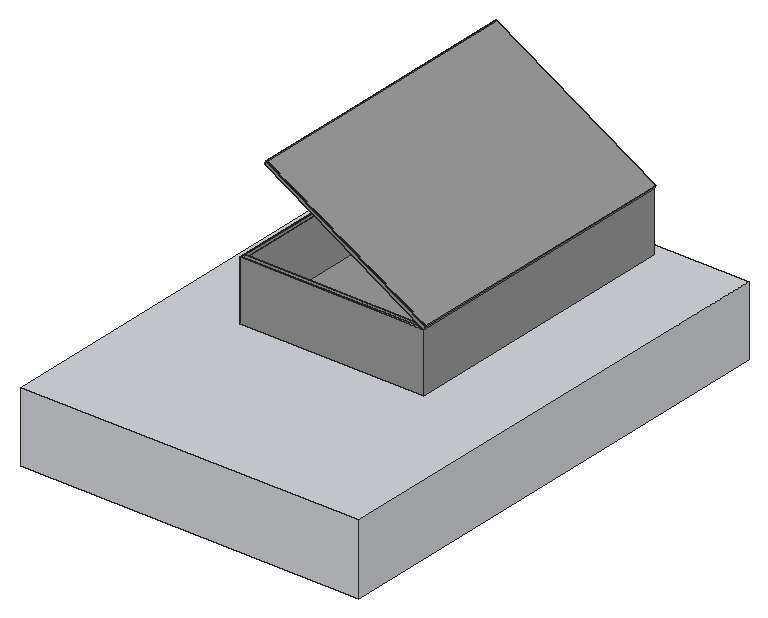
Revit family "Hager-Univers-IP55-D275-H1250-Cl.II-Steel_encl-BE-en", category Equipement électrique, Revit 2020
Family settings
  Hôte = Face
  Configuration du panneau = Deux colonnes, circuits au sein
  Cote de connecteur circulaire = Utiliser le diamètre
  Type d'élément = Tableau de raccordement
  Couper avec des vides une fois chargée = Non
  Partagée = Non
  Point de calcul de pièce = Non
Parameters (values of type "Surface mounted (plaster) IP55 W800 H1250 D275  - FR83S")
  Width Control [instance] = if([EF000008 - Width] > Min Width, [EF000008 - Width], Min Width)  # 800 mm
  Commentaires du type = [HG000003 - Range]  # "Univers"
  Thickness Door [instance] = if([EF009171 - Material plate thickness door/cover] > 3 mm, 3 mm, [EF009171 - Material plate thickness door/cover])  # 1.5 mm
  Seal Frame Offset [instance] = 17 mm  # constant formula
  Plinth Visibility [instance] = [HG000027 - Plinth height] > 0 mm  # no
  Model = ""
  Min Width [instance] = 100 mm  # constant formula
  Min Height [instance] = 100 mm  # constant formula
  Min Depth [instance] = (2 * [EF009170 - Material plate thickness cabinet]) + 1 mm  # 4 mm
  Internal Frame Depth [instance] = (Door System Depth * 0.5)  # 9 mm
  Height Control [instance] = if([EF000040 - Height] > Min Height, [EF000040 - Height], Min Height)  # 1250 mm
  HG000027 - Plinth height = 0 mm
  HG000026 - Floor standing = no
  HG000024 - Bottom section height = 800 mm
  HG000023 - Double section enclosure = no
  HG000016 - Door 3d visibility [instance] = yes
  HG000015 - Clearance visibility [instance] = no
  HG000014 - Door on the right [instance] = yes
  HG000013 - Door on the left [instance] = not([HG000014 - Door on the right])  # no
  HG000012 - Door swing angle [instance] = 30.00°
  HG000010 - Asymmetric doors = no
  HG000009 - Double swing door = no
  HG000006 - Flush mounted = no
  HG000004 - Manufacturer reference = "FR83S"
  HG000003 - Range = "Univers"
  HG000002 - With door or cover = yes
  Frame Offset Bottom [instance] = 10 mm  # constant formula
  Frame Offset [instance] = 15 mm  # constant formula
  EF015940 - Cover with overpressure release = no
  EF011959 - Degree of protection (NEMA) = ""
  EF009554 - Number of openings for flange plates = 6
  EF009212 - Cover model = "EV000116 - Closed"
  EF009171 - Material plate thickness door/cover = 1.5 mm
  EF009170 - Material plate thickness cabinet = 1.5 mm
  Fabricant = "Hager"  # constant formula
  EF008873 - Nominal current (In) = 800 A
  EF007800 - Suitable for lightning protection = no
  EF006306 - With lock = no
  EF006244 - Transparent cover/door = no
  EF005474 - Degree of protection (IP) = "EV006420 - IP55"
  EF004464 - Type of door = "EV002646 - Single"
  EF004427 - Number of modules = 288
  EF004293 - Impact strength = "EV008784 - IK10"
  EF003532 - Suitable for outdoor use = no
  EF002950 - Width in number of modular spacings = 24
  EF001613 - Circuit integrity = "EV000494 - None"
  EF001596 - Material housing = "EV000179 - Steel"
  EF001131 - Internal depth = 275 mm
  EF001088 - Extension possible = yes
  EF000437 - Number of conduit inlets = 6
  EF000339 - Type of cover = "EV004216 - Door"
  EF000266 - Number of rows = 8
  EF000218 - Built-in depth = 0 mm
  EF000118 - With mounting plate = no
  EF000116 - RAL-number = "7035"
  EF000049 - Depth = 275 mm
  EF000040 - Height = 1250 mm
  EF000008 - Width = 800 mm
  EF000007 - Colour = "EV000270 - Grey"
  EF000003 - Mounting method = "EV000384 - Surface mounted (plaster)"
  Door System Leaf Tolerance [instance] = 1.5 mm  # constant formula
  Door System Depth [instance] = 18 mm  # constant formula
  Door Height [instance] = Height Control - [HG000027 - Plinth height]  # 1250 mm
  Depth Control [instance] = if([EF000049 - Depth] > Min Depth, [EF000049 - Depth], Min Depth)  # 275 mm
  Default Elevation = 0 mm
  Connector Offset [instance] = Height Control / 2  # 625 mm
  Bottom Top Plate Trim [instance] = 1.5 mm  # constant formula
  Plinth height Ctrl [instance] = if([HG000027 - Plinth height] > 0 mm, [HG000027 - Plinth height], 12 mm)  # 12 mm
Types (5, lengths in mm): name | Width Control | HG000010 - Asymmetric doors | HG000009 - Double swing door | HG000004 - Manufacturer reference | EF009554 - Number of openings for flange plates | EF004464 - Type of door | EF004427 - Number of modules | EF000437 - Number of conduit inlets | EF000008 - Width
  Surface mounted (plaster) IP55 W1050 H1250 D275  - FR84S | 1050 | no | yes | "FR84S" | 8 | "EV003602 - Double" | 384 | 8 | 1050
  Surface mounted (plaster) IP55 W1300 H1250 D275  - FR85S | 1300 | yes | yes | "FR85S" | 10 | "EV003602 - Double" | 480 | 10 | 1300
  Surface mounted (plaster) IP55 W300 H1250 D275  - FR81S | 300 | no | no | "FR81S" | 2 | "EV002646 - Single" | 96 | 2 | 300
  Surface mounted (plaster) IP55 W550 H1250 D275  - FR82S | 550 | no | no | "FR82S" | 4 | "EV002646 - Single" | 192 | 4 | 550
  Surface mounted (plaster) IP55 W800 H1250 D275  - FR83S | 800 | no | no | "FR83S" | 6 | "EV002646 - Single" | 288 | 6 | 800
Reference planes
  plane 1 "Center (Front/Back)": y = 0
  plane 2: z = 0
  plane 3 "Center (Left/Right)": x = 0
  plane 4: z = 275
  plane 5: y = 1.5
  plane 6: y = 625
  plane 7: y = 0
  plane 8: y = 1250
  plane 9: z = 0
  plane 10: x = -385
  plane 11: x = 385
  plane 12: x = 383.5
  plane 13: x = -383.5
  plane 14: y = 1248.5
  plane 15: x = -383
  plane 16: x = -400
  plane 17: x = 383
  plane 18: x = 400
  plane 19: x = 398.5
  plane 20: x = -398.5
  plane 21: y = 11.5
  plane 22: y = 1250
  plane 23: y = 1233.5
  plane 24: z = 257
  plane 25: z = 1.5
  plane 26: z = 255.5
  plane 27: z = 273.5
Forms (mm)
  Extrusion 1, solid
    sketch origin (0, 0, 0) x (1, 0, 0) y (0, 1, 0)
      loop
        line (-702.964, 1305) -> (-702.964, -811.445) -> (766.763, -811.445) -> (766.763, 1305) -> (-702.964, 1305)
    from 0 to -304.8
  Extrusion 2, solid, material "Hager_Steel_RAL7035_Light_Grey", visible <- "Plinth Visibility", detail levels medium+fine
    sketch origin (0, 0, 0) x (1, 0, 0) y (0, 1, 0)
      loop
        line (-400, 0) -> (400, 0) -> (400, 12) -> (-400, 12) -> (-400, 0)
    from 0 to 257
  Extrusion 3, solid, material "Hager_Steel_RAL7035_Light_Grey", detail levels medium+fine
    sketch origin (0, 0, 0) x (1, 0, 0) y (0, 1, 0)
      loop
        line (-400, 0) -> (400, 0) -> (400, 1250) -> (-400, 1250) -> (-400, 0)
    from 0 to 257
  Extrusion 4, void
    sketch origin (0, 0, 0) x (1, 0, 0) y (0, 1, 0)
      loop
        line (-398.5, 1.5) -> (398.5, 1.5) -> (398.5, 1248.5) -> (-398.5, 1248.5) -> (-398.5, 1.5)
    from 1.5 to 255.5
  Extrusion 5, void
    sketch origin (-381.607, -4572, 257) x (0, -1, 0) y (-1, 0, 0)
      loop
        line (-4583.5, 1.893) -> (-5805.5, 1.893) -> (-5805.5, -765.107) -> (-4583.5, -765.107) -> (-4583.5, 1.893)
    from 0 to 1.5 <- "EF009170 - Material plate thickness cabinet"
  Extrusion 6, solid, material "Hager_Steel_RAL7035_Light_Grey", detail levels fine
    sketch origin (0, 0, 257) x (1, 0, 0) y (0, 1, 0)
      loop
        line (-383.5, 1233.5) -> (-383.5, 11.5) -> (383.5, 11.5) -> (383.5, 1233.5) -> (-383.5, 1233.5)
      loop
        line (-385, 10) -> (385, 10) -> (385, 1235) -> (-385, 1235) -> (-385, 10)
    from 0 to 9 <- "Internal Frame Depth"
  Extrusion 7, solid, material "Hager_Steel_RAL7035_Light_Grey", detail levels coarse
    sketch origin (0, 0, 0) x (1, 0, 0) y (0, 1, 0)
      loop
        line (-400, 0) -> (400, 0) -> (400, 1250) -> (-400, 1250) -> (-400, 0)
    from 0 to 275
  Sweep 8, void
    path in 3D
      loop
        line (-400, 12, 0) -> (400, 12, 0) -> (400, 12, 257) -> (-400, 12, 257) -> (-400, 12, 0)
    profile origin (-400, 12, 128.5) x (-1, 0, 0) y (0, -1, 0)
      loop
        line (0, 0) -> (0, 1.5) -> (-1.5, 1.5)
        arc (-1.5, 1.5) -> (-1.061, 0.439) -> (0, 0) r 1.5
Cuts and joins
  Extrusion 4, Extrusion 5 cuts Extrusion 3
  Sweep 8 cuts Extrusion 2
Lines and regions (mm)
  Masking region 1
    outline origin (0, 0, 0) x (1, 0, 0) y (0, 0, 1)
      loop
        line (-400, 275) -> (-400, 0) -> (400, 0) -> (400, 275) -> (-400, 275)
  Masking region 2, detail levels medium+fine
    outline origin (0, 140, 0) x (0, 1, 0) y (0, 0, 1)
      loop
        line (-140, 0) -> (1110, 0) -> (1110, 257) -> (-140, 257) -> (-140, 0)
  Masking region 3, not visible, detail levels medium+fine
    outline origin (0, 297.922, 0) x (0, 1, 0) y (0, 0, 1)
      loop
        line (338.578, 0) -> (378.578, 0) -> (378.578, 263.5)
        arc (378.578, 263.5) -> (375.649, 270.571) -> (368.578, 273.5) r 10
        line (368.578, 273.5) -> (338.578, 273.5) -> (338.578, 0)
  Masking region 4, detail levels coarse
    outline origin (0, 0, 180) x (0, 1, 0) y (0, 0, 1)
      loop
        line (0, -180) -> (1250, -180) -> (1250, 95) -> (0, 95) -> (0, -180)
  Masking region 5, visible <- "Plinth Visibility", detail levels medium+fine
    outline origin (0, 52.24, 12.345) x (0, 0, -1) y (0, 1, 0)
      loop
        line (10.845, -40.24) -> (-243.155, -40.24)
        arc (-243.155, -40.24) -> (-243.594, -41.301) -> (-244.655, -41.74) r 1.5
        line (-244.655, -41.74) -> (-244.655, -52.24) -> (12.345, -52.24) -> (12.345, -41.74)
        arc (12.345, -41.74) -> (11.285, -41.301) -> (10.845, -40.24) r 1.5
  Masking region 6, detail levels medium+fine
    outline origin (-381.607, -4572, 257) x (-1, 0, 0) y (0, -1, 0)
      loop
        line (18.393, -5822) -> (18.393, -4572) -> (-781.607, -4572) -> (-781.607, -5822) -> (18.393, -5822)
  Masking region 7, visible <- "Plinth Visibility", detail levels medium+fine
    outline origin (-381.607, -4727, 257) x (-1, 0, 0) y (0, -1, 0)
      loop
        arc (16.893, -4739) -> (17.332, -4737.939) -> (18.393, -4737.5) r 1.5
        line (18.393, -4737.5) -> (18.393, -4727) -> (-781.607, -4727) -> (-781.607, -4737.5)
        arc (-781.607, -4737.5) -> (-780.546, -4737.939) -> (-780.107, -4739) r 1.5
        line (-780.107, -4739) -> (16.893, -4739)
  Masking region 8, detail levels coarse
    outline origin (-442.548, -4669.526, 257) x (-1, 0, 0) y (0, -1, 0)
      loop
        line (-42.548, -5919.526) -> (-42.548, -4669.526) -> (-842.548, -4669.526) -> (-842.548, -5919.526) -> (-42.548, -5919.526)
  sketch lines
    curve 1: line (-400, 12, 257) -> (-400, 12, 0)
    curve 2: line (400, 12, 257) -> (-400, 12, 257)
    curve 3: line (400, 12, 257) -> (400, 12, 0)
    curve 4: line (-400, 12, 0) -> (400, 12, 0)
Dimensions and locks
  "Depth Control": plane 4 to Extrusion 1
  "HG000027 - Plinth height": plane 1 "Center (Front/Back)" to plane 7
  "EF009170 - Material plate thickness cabinet": plane 5 to plane 7
  locked: connector elem to plane 3 "Center (Left/Right)"
  equal spacing: plane 8, plane 6, plane 7
  locked: connector elem to plane 6
  "EF009170 - Material plate thickness cabinet": plane 8 to plane 14
  "EF009170 - Material plate thickness cabinet": plane 10 to plane 13
  "EF009170 - Material plate thickness cabinet": plane 12 to plane 11
  "Frame Offset": plane 20 to plane 13
  "Frame Offset": plane 12 to plane 19
  "EF009170 - Material plate thickness cabinet": plane 16 to plane 20
  "EF009170 - Material plate thickness cabinet": plane 19 to plane 18
  "Seal Frame Offset": plane 16 to plane 15
  "Seal Frame Offset": plane 17 to plane 18
  "Frame Offset Bottom": plane 21 to plane 5
  "Frame Offset": plane 14 to plane 23
  equal spacing: plane 16, plane 3 "Center (Left/Right)", plane 18
  "Width Control": plane 16 to plane 18
  "EF009170 - Material plate thickness cabinet": plane 4 to plane 27
  "EF009170 - Material plate thickness cabinet": plane 24 to plane 26
  "EF009170 - Material plate thickness cabinet": plane 25 to level
  "Door System Depth": plane 4 to plane 24
  "Height Control": plane 1 "Center (Front/Back)" to Extrusion 7 sketch curve
  "Height Control": Masking region 4 sketch curve to plane 1 "Center (Front/Back)"
  "Height Control": plane 1 "Center (Front/Back)" to plane 22
  "Bottom Top Plate Trim": profile plane to Sweep 8 sketch curve
  "Bottom Top Plate Trim": Sweep 8 sketch curve to profile plane
  "Plinth height Ctrl": plane 1 "Center (Front/Back)" to Extrusion 2 sketch curve
  "Plinth height Ctrl": Masking region 5 sketch curve to plane 1 "Center (Front/Back)"
  "Plinth height Ctrl": plane 1 "Center (Front/Back)" to Masking region 7 sketch curve
  "Thickness Door": Extrusion 6 sketch curve to Extrusion 6 sketch curve  (x3)
  "Thickness Door": cut or joined group of Extrusion 3, Extrusion 4, Extrusion 5 to Extrusion 6 sketch curve
  radius of Masking region 3 sketch curve = 10 mm
  "Bottom Top Plate Trim": radius of Masking region 5 sketch curve  (x2)
  "Bottom Top Plate Trim": radius of Sweep 8 sketch curve
  "Bottom Top Plate Trim": radius of Masking region 7 sketch curve  (x2)
  aligned and locked: plane 2 to Extrusion 1
  aligned and locked: level to Extrusion 1
  aligned and locked: level to Masking region 1 sketch curve
  aligned and locked: Masking region 1 sketch curve to plane 18
  aligned and locked: Masking region 1 sketch curve to plane 16
  aligned and locked: plane 7 to Masking region 2 sketch curve
  aligned and locked: level to Masking region 3 sketch curve
  aligned and locked: Masking region 3 sketch curve to plane 27
  aligned and locked: level to Masking region 2 sketch curve
  aligned and locked: plane 1 "Center (Front/Back)" to Extrusion 2 sketch curve
  aligned and locked: Extrusion 3 sketch curve to plane 7
  aligned and locked: plane 16 to Extrusion 3 sketch curve
  aligned and locked: plane 18 to Extrusion 3 sketch curve
  aligned and locked: plane 20 to Extrusion 4 sketch curve
  aligned and locked: plane 19 to Extrusion 4 sketch curve
  aligned and locked: Extrusion 4 sketch curve to plane 5
  aligned and locked: Extrusion 4 to plane 25
  aligned and locked: plane 26 to Extrusion 4
  aligned and locked: plane 24 to Extrusion 3
  aligned and locked: Extrusion 5 sketch curve to plane 21
  aligned and locked: Extrusion 5 sketch curve to plane 13
  aligned and locked: Extrusion 5 sketch curve to plane 12
  aligned and locked: plane 18 to Extrusion 7 sketch curve
  aligned and locked: plane 1 "Center (Front/Back)" to Extrusion 7 sketch curve
  aligned and locked: plane 16 to Extrusion 7 sketch curve
  aligned and locked: plane 4 to Extrusion 7
  aligned and locked: Extrusion 7 to level
  aligned and locked: level to Masking region 4 sketch curve
  aligned and locked: Masking region 4 sketch curve to plane 1 "Center (Front/Back)"
  aligned and locked: Masking region 4 sketch curve to plane 4
  aligned and locked: nested 1 to level
  aligned and locked: nested 1 to plane 16
  aligned and locked: plane 8 to Extrusion 3 sketch curve
  aligned and locked: plane 23 to Extrusion 5 sketch curve
  aligned and locked: plane 14 to Extrusion 4 sketch curve
  aligned and locked: Masking region 2 sketch curve to plane 8
  aligned and locked: level to Masking region 5 sketch curve
  aligned and locked: plane 16 to Extrusion 2 sketch curve
  aligned and locked: plane 18 to Extrusion 2 sketch curve
  aligned and locked: Masking region 5 sketch curve to plane 24
  aligned and locked: Masking region 2 sketch curve to plane 24
  aligned and locked: plane 24 to Extrusion 2
  aligned and locked: profile plane to Sweep 8 sketch curve  (x2)
  aligned and locked: Masking region 6 sketch curve to plane 18
  aligned and locked: Masking region 6 sketch curve to plane 22
  aligned and locked: Masking region 6 sketch curve to plane 16
  aligned and locked: plane 8 to plane 22
  aligned and locked: Masking region 6 sketch curve to plane 7
  aligned and locked: Masking region 7 sketch curve to plane 16
  aligned and locked: Masking region 7 sketch curve to plane 1 "Center (Front/Back)"
  aligned and locked: Masking region 7 sketch curve to plane 18
  aligned and locked: Masking region 8 sketch curve to plane 1 "Center (Front/Back)"
  aligned and locked: Masking region 8 sketch curve to plane 18
  aligned and locked: Masking region 8 sketch curve to plane 22
  aligned and locked: Masking region 8 sketch curve to plane 16
  aligned and locked: nested 2 to plane 7
  aligned and locked: plane 3 "Center (Left/Right)" to nested 2
  aligned and locked: nested 2 to plane 24
  aligned and locked: Extrusion 6 sketch curve to cut or joined group of Extrusion 3, Extrusion 4, Extrusion 5  (x4)
Automatic sketch dimensions
  Extrusion 1 sketch curve to Extrusion 1 sketch curve = 1469.727 mm
  Extrusion 1 sketch curve to Extrusion 1 sketch curve = 2116.445 mm
  Masking region 1 sketch curve to plane 4 = 0 mm
  plane 6 to Masking region 3 sketch curve = 11.5 mm
  Masking region 3 sketch curve to Masking region 3 sketch curve = 30 mm
  Masking region 5 sketch curve to plane 1 "Center (Front/Back)" = 0 mm
Nested families
  nested 1: "Hager_Enclosure_Symbol" at (-400, 0, 0) x (1, 0, 0) z (0, -1, 0), Height <- "Depth Control", Width <- "Width Control", type "Hager_Enclosure_Symbol"
    with Width_Ctrl 800 mm, Width 800 mm, Height_Ctrl 275 mm, Height 275 mm, A_Width_Int 18.047 mm, A_Width 216.562 mm, A_Height_Ctrl 240.625 mm, A_Height 240.625 mm
  nested 2: "EC000058_Univers_Door" at (0, 0, 257) x (1, 0, 0) z (0, 1, 0), Leaf_Tolerance <- "Door System Leaf Tolerance", Angle <- "HG000012 - Door swing angle", Door_Depth <- "Door System Depth", Door_Left <- "HG000013 - Door on the left", Transparent <- "EF006244 - Transparent cover/door", Assymetrical <- "HG000010 - Asymmetric doors", Width <- "Width Control", Clearance <- "HG000015 - Clearance visibility", Double <- "HG000009 - Double swing door", 3d_Door <- "HG000016 - Door 3d visibility", Lock_Visibility <- "EF006306 - With lock", Width_Ctrl <- "Width Control", Door_Right <- "HG000014 - Door on the right", Door <- "HG000002 - With door or cover", Height <- "Door Height", Thickness <- "Thickness Door", type "EC000058_Univers_Door", detail levels medium+fine
    with min_wh 4 mm, Width_Ctrl 800 mm, Width 800 mm, Transparent no, Thickness 1.5 mm, Seal_Material Hager_Rubber, Lock_Visibility no, Lock_Material Hager_Plastic_RAL9005_Jet_Black, Leaf_Width 800 mm, Leaf_Tolerance_External_Sides 0 mm, Leaf_Tolerance 1.5 mm, Leaf_Offset 0 mm, Leaf_Height 1247 mm, Leaf_2_Width 800 mm, Leaf_2_Offset 400 mm, Leaf_1_Width 800 mm, Leaf_1_Offset 400 mm, Height_Ctrl 1250 mm, Height 1250 mm, Glass_Material Hager_Glass, Double_Clearance_Ctrl no, Double no, Door_Right_Ctrl yes, Door_Right yes, Door_Material Hager_Steel_RAL7035_Light_Grey, Door_Left_Ctrl no, Door_Left no, Door_Depth 18 mm, Door yes, Clearance_Material Hager_Clearance, Clearance_Depth 800 mm, Clearance_Ctrl no, Clearance no, Assymetrical no, Angle 30.00°, 3d_Door yes
Connectors
  electrical at (0, 625, 0)
    settings: on plane 9, index 1, voltage 0 V, apparent load 0 VA, apparent load phase1 0 VA, apparent load phase2 0 VA, apparent load phase3 0 VA, power factor 1, load classification "Other", number of poles 1, system type 30, power factor state 1, is connector primary yes, connector utility no, sub classification motor no, connector description ""
Definition of nested family "EC000058_Univers_Door"
  Parameters (values of type "EC000058_Univers_Door")
    min_wh [instance] = (2 * Thickness) + 1 mm  # 11 mm
    Width_Ctrl [instance] = 400 mm
    Width [instance] = 500 mm
    Transparent [instance] = yes
    Thickness [instance] = 5 mm
    Seal_Material [instance] = none
    Lock_Visibility [instance] = yes
    Lock_Material [instance] = none
    Leaf_Width [instance] = if((Width_Ctrl - 2 * Leaf_Tolerance_External_Sides) > 0 mm, (Width_Ctrl - 2 * Leaf_Tolerance_External_Sides), min_wh)  # 400 mm
    Leaf_Tolerance_External_Sides [instance] = 0 mm  # constant formula
    Leaf_Tolerance [instance] = 1.5 mm
    Leaf_Offset [instance] = 0 mm  # constant formula
    Leaf_Height [instance] = if((Height_Ctrl - 2 * Leaf_Tolerance) > 0 mm, (Height_Ctrl - 2 * Leaf_Tolerance), min_wh)  # 497 mm
    Leaf_2_Width [instance] = if(and(and(Double, Assymetrical), Door_Left), (Leaf_Width / 3) - (Leaf_Tolerance / 2), if(and(and(Double, Assymetrical), Door_Right), (Leaf_Width / 3) * 2 - (Leaf_Tolerance / 2), if(and(Double, not(Assymetrical)), (Leaf_Width / 2) - Leaf_Tolerance, Leaf_Width)))  # 400 mm
    Leaf_2_Offset [instance] = if(and(Double, Assymetrical), Leaf_2_Width / 2, if(and(Double, not(Assymetrical)), Leaf_Width / 4, Leaf_Width / 2))  # 200 mm
    Leaf_1_Width [instance] = if(and(and(Double, Assymetrical), Door_Right), (Leaf_Width / 3) - (Leaf_Tolerance / 2), if(and(and(Double, Assymetrical), Door_Left), (Width / 3) * 2 - (Leaf_Tolerance / 2), if(and(Double, not(Assymetrical)), (Leaf_Width / 2) - Leaf_Tolerance, Leaf_Width)))  # 400 mm
    Leaf_1_Offset [instance] = if(and(Double, Assymetrical), Leaf_1_Width / 2, if(and(Double, not(Assymetrical)), Leaf_Width / 4, Leaf_Width / 2))  # 200 mm
    Height_Ctrl [instance] = if(Height > min_wh, Height, min_wh)  # 500 mm
    Height [instance] = 500 mm
    Glass_Material [instance] = none
    Double_Clearance_Ctrl [instance] = and(Double, Clearance)  # no
    Double [instance] = no
    Door_Right_Ctrl [instance] = and(or(Door_Right, Double), Door)  # yes
    Door_Right [instance] = yes
    Door_Material [instance] = none
    Door_Left_Ctrl [instance] = and(or(Door_Left, Double), Door)  # no
    Door_Left [instance] = no
    Door_Depth [instance] = 30 mm
    Door [instance] = yes
    Default Elevation = 1219.2 mm
    Clearance_Material [instance] = none
    Clearance_Depth [instance] = if(Leaf_1_Width > Leaf_2_Width, Leaf_1_Width, Leaf_2_Width)  # 400 mm
    Clearance_Ctrl [instance] = and(not(Double), Clearance)  # yes
    Clearance [instance] = yes
    Assymetrical [instance] = yes
    Angle [instance] = 30.00°
    3d_Door [instance] = yes
  Reference planes
    plane 1 "Center (Front/Back)": y = 0
    plane 2 "Bottom": z = 0
    plane 3 "Center (Left/Right)": x = 0
    plane 4: z = 500
    plane 5: x = -200
    plane 6: x = 200
    plane 7: z = 500
    plane 8: x = -200
    plane 9: z = 0
    plane 10: x = 200
    plane 11: y = 0
    plane 12: z = 1.5
    plane 13: x = -600
    plane 14: y = -400
    plane 15: x = 600
    plane 16: x = 0
    plane 17: x = 0
    plane 18: x = -200
    plane 19: x = 200
    plane 20: z = 498.5
  Forms (mm)
    Extrusion 1, solid, material <- "Clearance_Material", visible <- "Double_Clearance_Ctrl"
      sketch origin (1200, 0, 0) x (1, 0, 0) y (0, 0, -1)
        loop
          line (-1800, -498.5) -> (-600, -498.5) -> (-600, 0) -> (-1800, 0) -> (-1800, -498.5)
      from 0 to -400
  Dimensions and locks
    equal spacing: plane 5, plane 3 "Center (Left/Right)", plane 6
    "Width_Ctrl": plane 5 to plane 6
    "Leaf_Offset": plane 5 to plane 8
    "Leaf_Offset": plane 6 to plane 10
    "Leaf_Offset": plane 9 to level
    "Leaf_Offset": plane 4 to plane 7
    "Height_Ctrl": plane 4 to level
    "Leaf_Tolerance": plane 12 to plane 9
    locked: plane 11 to plane 1 "Center (Front/Back)"
    "Leaf_1_Offset": plane 18 to plane 16
    "Leaf_2_Offset": plane 17 to plane 19
    "Leaf_1_Width": plane 13 to plane 8
    "Leaf_2_Width": plane 10 to plane 15
    "Clearance_Depth": plane 14 to plane 1 "Center (Front/Back)"
    "Leaf_Tolerance_External_Sides": plane 8 to plane 18
    "Leaf_Tolerance_External_Sides": plane 19 to plane 10
    "Leaf_Tolerance": plane 7 to plane 20
    aligned and locked: level to plane 2 "Bottom"
    aligned and locked: nested 1 to plane 16
    aligned and locked: nested 2 to plane 17
    aligned and locked: Extrusion 1 to plane 13
    aligned and locked: plane 15 to Extrusion 1
    aligned and locked: Extrusion 1 to plane 14
    aligned and locked: plane 12 to nested 1
    aligned and locked: nested 2 to plane 12
    aligned and locked: Extrusion 1 to plane 11
    aligned and locked: plane 20 to Extrusion 1
    aligned and locked: nested 2 to plane 11
    aligned and locked: nested 1 to plane 11
  Automatic sketch dimensions
    Extrusion 1 sketch curve to level = 0 mm
    plane 5 to Extrusion 1 sketch curve = 400 mm
    plane 6 to Extrusion 1 sketch curve = 400 mm
    Extrusion 1 sketch curve to plane 4 = 1.5 mm
  Nested families
    nested 1: "EC000058_Univers_Door_Leaf" at (0, 0, 1.5), Width <- "Leaf_1_Width", visible <- "Door_Left_Ctrl", Leaf_Height <- "Leaf_Height", Angle <- "Angle", 3d_Door <- "3d_Door", Transparent <- "Transparent", Clearance Material <- "Clearance_Material", Clearance <- "Clearance_Ctrl", Door_Material <- "Door_Material", Glass_Material <- "Glass_Material", Door_Depth <- "Door_Depth", Lock_Material <- "Lock_Material", Seal_Material <- "Seal_Material", Lock_Visibility <- "Lock_Visibility", Thickness <- "Thickness", type "EC000058_Univers_Door_Leaf"
      with Width 400 mm, Transparent_Glass_Offset 30 mm, Transparent_Ctrl yes, Transparent yes, Thickness 5 mm, Standard no, Seal_Material none, Seal_D2 8 mm, Seal_D1 1 mm, Offset_Internal_Frame 10 mm, Lock_Width 20 mm, Lock_Visibility_3d yes, Lock_Visibility yes, Lock_Thickness_3 3 mm, Lock_Thickness_2 1 mm, Lock_Thickness_1 3 mm, Lock_Radius_Offset_2 16 mm, Lock_Radius_Offset_1 15 mm, Lock_Radius_2 5 mm, Lock_Radius 6 mm, Lock_Offset 5 mm, Lock_Material none, Lock_Height 80 mm, Lock_Cover_Top_Offset_2d 17 mm, Lock_Cover_Height -65 mm, Leaf_Height 497 mm, Internal_Seal_Thickness 8 mm, Internal_Seal_Depth_2 4.5 mm, Internal_Frame_Depth 25 mm, Glass_Thickness -1 mm, Glass_Offset -2 mm, Glass_Material none, Door_Material none, Door_Depth 30 mm, Clearance Material none, Clearance yes, Angle_Ctrl 30.00°, Angle 30.00°, 3d_Door yes
    nested 2: "EC000058_Univers_Door_Leaf" at (0, 0, 1.5) x (-1, 0, 0) z (0, 0, 1), Width <- "Leaf_2_Width", visible <- "Door_Right_Ctrl", Leaf_Height <- "Leaf_Height", Angle <- "Angle", 3d_Door <- "3d_Door", Transparent <- "Transparent", Clearance Material <- "Clearance_Material", Clearance <- "Clearance_Ctrl", Door_Material <- "Door_Material", Glass_Material <- "Glass_Material", Door_Depth <- "Door_Depth", Lock_Material <- "Lock_Material", Seal_Material <- "Seal_Material", Lock_Visibility <- "Lock_Visibility", Thickness <- "Thickness", type "EC000058_Univers_Door_Leaf"
      with Width 400 mm, Transparent_Glass_Offset 30 mm, Transparent_Ctrl yes, Transparent yes, Thickness 5 mm, Standard no, Seal_Material none, Seal_D2 8 mm, Seal_D1 1 mm, Offset_Internal_Frame 10 mm, Lock_Width 20 mm, Lock_Visibility_3d yes, Lock_Visibility yes, Lock_Thickness_3 3 mm, Lock_Thickness_2 1 mm, Lock_Thickness_1 3 mm, Lock_Radius_Offset_2 16 mm, Lock_Radius_Offset_1 15 mm, Lock_Radius_2 5 mm, Lock_Radius 6 mm, Lock_Offset 5 mm, Lock_Material none, Lock_Height 80 mm, Lock_Cover_Top_Offset_2d 17 mm, Lock_Cover_Height -65 mm, Leaf_Height 497 mm, Internal_Seal_Thickness 8 mm, Internal_Seal_Depth_2 4.5 mm, Internal_Frame_Depth 25 mm, Glass_Thickness -1 mm, Glass_Offset -2 mm, Glass_Material none, Door_Material none, Door_Depth 30 mm, Clearance Material none, Clearance yes, Angle_Ctrl 30.00°, Angle 30.00°, 3d_Door yes
  Definition of nested family "EC000058_Univers_Door_Leaf"
    Parameters (values of type "EC000058_Univers_Door_Leaf")
      Width [instance] = 2000 mm
      Transparent_Glass_Offset [instance] = 30 mm
      Transparent_Ctrl [instance] = and(Transparent, [3d_Door])  # yes
      Transparent [instance] = yes
      Thickness [instance] = 5 mm
      Standard [instance] = and(not(Transparent), [3d_Door])  # no
      Seal_Material [instance] = none
      Seal_D2 [instance] = 8 mm  # constant formula
      Seal_D1 [instance] = 1 mm  # constant formula
      Offset_Internal_Frame [instance] = 10 mm  # constant formula
      Lock_Width [instance] = 20 mm  # constant formula
      Lock_Visibility_3d [instance] = and(Lock_Visibility, [3d_Door])  # yes
      Lock_Visibility [instance] = yes
      Lock_Thickness_3 [instance] = 3 mm  # constant formula
      Lock_Thickness_2 [instance] = 1 mm  # constant formula
      Lock_Thickness_1 [instance] = 3 mm  # constant formula
      Lock_Radius_Offset_2 [instance] = Lock_Radius_Offset_1 + 1 mm  # 16 mm
      Lock_Radius_Offset_1 [instance] = 15 mm  # constant formula
      Lock_Radius_2 [instance] = Lock_Radius - 1 mm  # 5 mm
      Lock_Radius [instance] = 6 mm  # constant formula
      Lock_Offset [instance] = 5 mm  # constant formula
      Lock_Material [instance] = none
      Lock_Height [instance] = 80 mm  # constant formula
      Lock_Cover_Top_Offset_2d [instance] = Lock_Radius_Offset_2 + 1 mm  # 17 mm
      Lock_Cover_Height [instance] = -(Lock_Height - Lock_Radius_Offset_1)  # -65 mm
      Leaf_Height [instance] = 2720.336 mm
      Internal_Seal_Thickness [instance] = 8 mm  # constant formula
      Internal_Seal_Depth_2 [instance] = 4.5 mm  # constant formula
      Internal_Frame_Depth [instance] = if(Door_Depth - Thickness > 5 mm, Door_Depth - Thickness, 5 mm)  # 25 mm
      Glass_Thickness [instance] = if(Thickness > 15 mm, Glass_Offset + 10 mm, -1 mm)  # -1 mm
      Glass_Offset [instance] = if(Thickness > 15 mm, -(Thickness + 10 mm) / 2, -2 mm)  # -2 mm
      Glass_Material [instance] = none
      Door_Material [instance] = none
      Door_Depth [instance] = 30 mm
      Default Elevation = 0 mm
      Clearance Material [instance] = none
      Clearance [instance] = yes
      Angle_Ctrl [instance] = if(Angle > 180.00°, 180.00°, Angle)  # 90.00°
      Angle [instance] = 90.00°
      3d_Door [instance] = yes
    Reference planes
      plane 1 "Center (Front/Back)": y = 0
      plane 2: z = 0
      plane 3 "Center (Left/Right)": x = 0
      plane 4: y = 2000
      plane 5: x = -1000
      plane 6: x = 1000
      plane 7: x = -3000
      plane 8: z = 2720.336
      plane 9: z = 30
      plane 10: z = 2690.336
      plane 11: x = 970
      plane 12: x = -970
      plane 13: y = -3
      plane 14: z = 107.833
      plane 15: y = -5
      plane 16: y = -223.314
      plane 17: x = -1000
      plane 18: z = 1360.168
      plane 19: y = 30
    Forms (mm)
      Extrusion 1, solid, material <- "Clearance Material", visible <- "Clearance"
        sketch origin (0, 0, 0) x (1, 0, 0) y (0, 0, 1)
          loop
            line (-3000, 2720.336) -> (-3000, 0) -> (1000, 0) -> (1000, 2720.336) -> (-3000, 2720.336)
        from 0 to -2000
      Extrusion 2, solid, material <- "Door_Material", visible <- "Standard", detail levels medium+fine
        sketch origin (-1000, 0, 0) x (0, 1, 0) y (-1, 0, 0)
          loop
            line (0, 30) -> (0, 25) -> (2000, 25) -> (2000, 30) -> (0, 30)
        from 0 to 2720.336 <- "Leaf_Height"
      Extrusion 3, solid, material <- "Door_Material", visible <- "Transparent_Ctrl", detail levels medium+fine
        sketch origin (-1000, 0, 0) x (0, 1, 0) y (-1, 0, 0)
          loop
            line (0, 25) -> (2000, 25) -> (2000, 30) -> (0, 30) -> (0, 25)
        from 0 to 2720.336 <- "Leaf_Height"
      Extrusion 4, void
        sketch origin (-1025, 2000, 0) x (0, 1, 0) y (0, 0, -1)
          loop
            line (-30, -2690.336) -> (-30, -30) -> (-1970, -30) -> (-1970, -2690.336) -> (-30, -2690.336)
        from 0 to 5 <- "Thickness"
      Sweep 5, solid, material <- "Seal_Material", visible <- "Transparent_Ctrl", detail levels fine
        path in 3D
          loop
            line (-1025, 30, 30) -> (-1025, 30, 2690.336) -> (-1025, 1970, 2690.336) -> (-1025, 1970, 30) -> (-1025, 30, 30)
        profile origin (-1025, 1000, 30) x (1, 0, 0) y (0, 0, 1)
          loop
            line (0, 0) -> (0, -8) -> (1, -8) -> (1, 0) -> (0, 0)
      Extrusion 6, solid, material <- "Glass_Material", visible <- "Transparent_Ctrl", detail levels medium+fine
        sketch origin (-1030, 0, 0) x (0, 1, 0) y (0, 0, -1)
          loop
            line (1970, -2690.336) -> (1970, -30) -> (30, -30) -> (30, -2690.336) -> (1970, -2690.336)
        from -2 <- "Glass_Offset" to -1 <- "Glass_Thickness"
      Extrusion 7, solid, material <- "Door_Material", visible <- "3d_Door", detail levels medium+fine
        sketch origin (-1025, 2000, 0) x (0, -1, 0) y (0, 0, -1)
          loop
            line (0, -2720.336) -> (2000, -2720.336) -> (2000, 0) -> (0, 0) -> (0, -2720.336)
          loop
            line (1995, -5) -> (5, -5) -> (5, -2715.336) -> (1995, -2715.336) -> (1995, -5)
        from 0 to 25 <- "Internal_Frame_Depth"
      Sweep 8, solid, material <- "Seal_Material", visible <- "Transparent_Ctrl", detail levels fine
        path in 3D
          loop
            line (-1025, 0, 0) -> (-1025, 2000, 0) -> (-1025, 2000, 2720.336) -> (-1025, 0, 2720.336) -> (-1025, 0, 0)
        profile origin (-1025, 0, 1360.168) x (1, 0, 0) y (0, 1, 0)
          loop
            line (0, 10) -> (2.975, 10)
            arc (2.975, 10) -> (4.053, 10.447) -> (4.5, 11.525) r 1.525
            line (4.5, 11.525) -> (4.5, 16.527)
            arc (4.5, 16.527) -> (4.069, 17.569) -> (3.027, 18) r 1.473
            line (3.027, 18) -> (0, 18) -> (0, 10)
      Extrusion 9, solid, material <- "Lock_Material", visible <- "Lock_Visibility_3d", detail levels fine
        sketch origin (-1030, 0, 0) x (0, 1, 0) y (0, 0, -1)
          loop
            arc (1993.5, -1400.168) -> (1994.561, -1399.729) -> (1995, -1398.668) r 1.5
            line (1995, -1398.668) -> (1995, -1320.168) -> (1975, -1320.168) -> (1975, -1398.668)
            arc (1975, -1398.668) -> (1975.439, -1399.729) -> (1976.5, -1400.168) r 1.5
            line (1976.5, -1400.168) -> (1993.5, -1400.168)
        from 3 <- "Lock_Thickness_1" to 0
      Blend 10, solid, material <- "Lock_Material", visible <- "Lock_Visibility_3d", detail levels fine
        base sketch origin (-1033, 0, 0) x (0, 1, 0) y (0, 0, -1)
          loop
            line (1975, -1320.168) -> (1975, -1398.668)
            arc (1975, -1398.668) -> (1975.439, -1399.729) -> (1976.5, -1400.168) r 1.5
            line (1976.5, -1400.168) -> (1993.5, -1400.168)
            arc (1993.5, -1400.168) -> (1994.561, -1399.729) -> (1995, -1398.668) r 1.5
            line (1995, -1398.668) -> (1995, -1320.168) -> (1975, -1320.168)
        top sketch origin (-1033, 0, 0) x (0, 1, 0) y (0, 0, -1)
          loop
            line (1976, -1320.168) -> (1976, -1398.668)
            arc (1976, -1398.668) -> (1976.146, -1399.022) -> (1976.5, -1399.168) r 0.5
            line (1976.5, -1399.168) -> (1993.5, -1399.168)
            arc (1993.5, -1399.168) -> (1993.854, -1399.022) -> (1994, -1398.668) r 0.5
            line (1994, -1398.668) -> (1994, -1320.168) -> (1976, -1320.168)
        from 0 to 1 <- "Lock_Thickness_2"
      Blend 11, solid, material <- "Lock_Material", visible <- "Lock_Visibility_3d", detail levels fine
        base sketch origin (-1034, 0, 0) x (0, 1, 0) y (0, 0, -1)
          loop
            line (1978, -1320.168) -> (1978, -1384.168)
            arc (1978, -1384.168) -> (1985, -1391.168) -> (1992, -1384.168) r 7
            line (1992, -1384.168) -> (1992, -1320.168) -> (1978, -1320.168)
        top sketch origin (-1034, 0, 0) x (0, 1, 0) y (0, 0, -1)
          loop
            line (1991, -1320.168) -> (1979, -1320.168) -> (1979, -1383.168)
            arc (1979, -1383.168) -> (1985, -1389.168) -> (1991, -1383.168) r 6
            line (1991, -1383.168) -> (1991, -1320.168)
        from 0 to 3 <- "Lock_Thickness_3"
      Extrusion 12, solid, material <- "Lock_Material", visible <- "Lock_Visibility_3d", detail levels fine
        sketch origin (-1030, 1975, 1320.168) x (1, 0, 0) y (0, -1, 0)
          loop
            line (-7, -19) -> (-7, -1) -> (0, -1) -> (0, 0) -> (-8, 0) -> (-8, -20) -> (0, -20) -> (0, -19) -> (-7, -19)
        from 0 to -65 <- "Lock_Cover_Height"
      Extrusion 13, void
        sketch origin (-1038, 1995, 1320.168) x (-1, 0, 0) y (0, 0, -1)
          loop
            line (-5, -65) -> (0, -65) -> (-5, -60) -> (-5, -65)
        from 0 to 20 <- "Lock_Width"
      Extrusion 14, void
        sketch origin (-1038, 1975, 1320.168) x (0, -1, 0) y (0, 0, -1)
          loop
            circle (-10, -15.995) r 6
          loop
            circle (-10, -15.995) r 5
        from 0 to 2
      Extrusion 15, solid, material <- "Lock_Material", visible <- "Lock_Visibility_3d", detail levels medium
        sketch origin (-1030, 0, 0) x (0, 1, 0) y (0, 0, -1)
          loop
            arc (1993.5, -1400.168) -> (1994.561, -1399.729) -> (1995, -1398.668) r 1.5
            line (1995, -1398.668) -> (1995, -1320.168) -> (1975, -1320.168) -> (1975, -1398.668)
            arc (1975, -1398.668) -> (1975.439, -1399.729) -> (1976.5, -1400.168) r 1.5
            line (1976.5, -1400.168) -> (1993.5, -1400.168)
        from 8 to 0
    Cuts and joins
      Extrusion 4 cuts Extrusion 3
      Extrusion 13, Extrusion 14 cuts Extrusion 9
      Extrusion 14 cuts Blend 11
      Extrusion 13, Extrusion 14 cuts Extrusion 12
      joined: Extrusion 9, Blend 10, Blend 11, Extrusion 12
      Extrusion 14 cuts Extrusion 15
    Lines and regions (mm)
      Masking region 1, visible <- "Lock_Visibility", detail levels fine
        outline origin (0, 0, 0) x (0, 1, 0) y (0, 0, 1)
          loop
            line (30, 1320.168) -> (33, 1320.168) -> (33, 1400.168) -> (30, 1400.168) -> (30, 1320.168)
      Masking region 2, visible <- "Lock_Visibility", detail levels fine
        outline origin (0, 3.143, 0) x (0, 1, 0) y (0, 0, 1)
          loop
            line (29.857, 1354.168) -> (30.857, 1354.168) -> (30.857, 1366.168) -> (29.857, 1366.168) -> (29.857, 1354.168)
      Masking region 3, detail levels medium+fine
        outline origin (0, 0, 0) x (0, 1, 0) y (0, 0, 1)
          loop
            line (0, 0) -> (30, 0) -> (30, 2720.336) -> (0, 2720.336) -> (0, 0)
      Masking region 4, detail levels medium+fine
        outline origin (0, 0, 0) x (1, 0, 0) y (0, 0, 1)
          loop
            line (-1000, 2720.336) -> (-1000, 0) -> (1000, 0) -> (1000, 2720.336) -> (-1000, 2720.336)
      Masking region 5, visible <- "Lock_Visibility", detail levels fine
        outline origin (-47.116, 0, 0) x (1, 0, 0) y (0, 0, 1)
          loop
            arc (1024.616, 1399.168) -> (1023.556, 1398.729) -> (1023.116, 1397.668) r 1.5
            line (1023.116, 1397.668) -> (1023.116, 1320.168) -> (1041.116, 1320.168) -> (1041.116, 1397.668)
            arc (1041.116, 1397.668) -> (1040.677, 1398.729) -> (1039.616, 1399.168) r 1.5
            line (1039.616, 1399.168) -> (1024.616, 1399.168)
      Masking region 6, visible <- "Lock_Visibility", detail levels medium+fine
        outline origin (-25, 0, 0) x (1, 0, 0) y (0, 0, 1)
          loop
            arc (1001.5, 1400.168) -> (1000.439, 1399.729) -> (1000, 1398.668) r 1.5
            line (1000, 1398.668) -> (1000, 1320.168) -> (1020, 1320.168) -> (1020, 1398.668)
            arc (1020, 1398.668) -> (1019.561, 1399.729) -> (1018.5, 1400.168) r 1.5
            line (1018.5, 1400.168) -> (1001.5, 1400.168)
      Masking region 7, visible <- "Lock_Visibility", detail levels fine
        outline origin (-73.735, 0, 0) x (1, 0, 0) y (0, 0, 1)
          loop
            line (1051.735, 1382.168) -> (1065.735, 1382.168) -> (1065.735, 1384.168)
            arc (1065.735, 1384.168) -> (1058.735, 1391.168) -> (1051.735, 1384.168) r 7
            line (1051.735, 1384.168) -> (1051.735, 1382.168)
      Masking region 8, visible <- "Lock_Visibility", detail levels fine
        outline origin (-73.735, 0, 0) x (1, 0, 0) y (0, 0, 1)
          loop
            line (1052.735, 1382.168) -> (1064.735, 1382.168) -> (1064.735, 1383.168)
            arc (1064.735, 1383.168) -> (1058.735, 1389.168) -> (1052.735, 1383.168) r 6
            line (1052.735, 1383.168) -> (1052.735, 1382.168)
      Masking region 9, visible <- "Lock_Visibility", detail levels fine
        outline origin (-25, 0, 0) x (1, 0, 0) y (0, 0, 1)
          loop
            line (1020, 1320.168) -> (1020, 1382.168) -> (1000, 1382.168) -> (1000, 1320.168) -> (1020, 1320.168)
      Masking region 10, detail levels medium+fine
        outline origin (0, 0, 0) x (1, 0, 0) y (0, 0, 1)
          loop
            circle (985, 1335.144) r 6
      Masking region 11, detail levels fine
        outline origin (0, 0, 0) x (1, 0, 0) y (0, 0, 1)
          loop
            circle (985, 1335.144) r 5
      Masking region 12, visible <- "Lock_Visibility", detail levels fine
        outline origin (0, 12.767, 0) x (0, 1, 0) y (0, 0, 1)
          loop
            line (20.233, 1320.168) -> (21.233, 1320.168) -> (21.233, 1399.168) -> (20.233, 1400.168) -> (20.233, 1320.168)
      Masking region 13, visible <- "Lock_Visibility", detail levels fine
        outline origin (0, 13.767, -10) x (0, 1, 0) y (0, 0, 1)
          loop
            line (20.233, 1330.168) -> (23.233, 1330.168) -> (23.233, 1399.168) -> (20.233, 1402.168) -> (20.233, 1330.168)
      Masking region 14, visible <- "Lock_Visibility", detail levels fine
        outline origin (0, 12.767, -10) x (0, 1, 0) y (0, 0, 1)
          loop
            line (20.233, 1330.168) -> (25.233, 1330.168) -> (25.233, 1399.305) -> (20.233, 1394.305) -> (20.233, 1330.168)
      Masking region 15, visible <- "Lock_Visibility", detail levels medium
        outline origin (0, 0, 0) x (0, 1, 0) y (0, 0, 1)
          loop
            line (30, 1320.168) -> (38, 1320.168) -> (38, 1400.168) -> (30, 1400.168) -> (30, 1320.168)
      Masking region 16, visible <- "Lock_Visibility", detail levels fine
        outline origin (-1000, 0, 0) x (0, 1, 0) y (-1, 0, 0)
          loop
            line (1975, 30) -> (1995, 30) -> (1995, 38) -> (1975, 38) -> (1975, 30)
          loop
            line (1979, 37) -> (1976, 37) -> (1976, 34) -> (1978, 34) -> (1979, 37)
          loop
            line (1994, 37) -> (1991, 37) -> (1992, 34) -> (1994, 34) -> (1994, 37)
      Masking region 17, visible <- "Lock_Visibility", detail levels medium
        outline origin (-1000, 0, 0) x (0, 1, 0) y (-1, 0, 0)
          loop
            line (1975, 30) -> (1995, 30) -> (1995, 38) -> (1975, 38) -> (1975, 30)
      symbolic lines
        curve 1: line (1000, 0, 0) -> (-3000, 0, 0)
        curve 2: arc (1000, 0, 0) -> (-1000, 2000, 0) -> (-3000, 0, 0) r 2000
        curve 4: line (-1030, 0, 0) -> (-1030, 2000, 0)
      reference lines
        curve 3: line (-1000, 0, 0) -> (-1000, 2000, 0)
      symbolic lines, detail levels medium+fine
        curve 5: line (-1030, 2000, 0) -> (-1025, 2000, 0)
        curve 7: line (-1025, 0, 0) -> (-1030, 0, 0)
        curve 8: line (-1025, 0, 0) -> (-1000, 0, 0)
        curve 9: line (-1000, 0, 0) -> (-1000, 2000, 0)
        curve 10: line (-1000, 2000, 0) -> (-1025, 2000, 0)
      symbolic lines, detail levels fine
        curve 6: line (-1025, 2000, 0) -> (-1025, 0, 0)
      sketch lines
        curve 11: line (-1025, 0, 2720.336) -> (-1025, 0, 0)
        curve 12: line (-1025, 2000, 0) -> (-1025, 0, 0)
        curve 13: line (-1025, 2000, 2720.336) -> (-1025, 2000, 0)
        curve 14: line (-1025, 0, 2720.336) -> (-1025, 2000, 2720.336)
        curve 15: line (-1025, 1970, 30) -> (-1025, 30, 30)
        curve 16: line (-1025, 30, 30) -> (-1025, 30, 2690.336)
        curve 17: line (-1025, 1970, 2690.336) -> (-1025, 1970, 30)
        curve 18: line (-1025, 30, 2690.336) -> (-1025, 1970, 2690.336)
      symbolic lines, visible <- "Transparent", detail levels medium+fine
        curve 19: line (-970, 0, 2690.336) -> (970, 0, 2690.336)
        curve 20: line (-970, 0, 30) -> (-970, 0, 2690.336)
        curve 21: line (970, 0, 30) -> (-970, 0, 30)
        curve 22: line (970, 0, 2690.336) -> (970, 0, 30)
    Dimensions and locks
      "Width": plane 1 "Center (Front/Back)" to plane 4
      equal spacing: plane 5, plane 3 "Center (Left/Right)", plane 6
      "Width": plane 5 to plane 6
      "Width": plane 7 to plane 5
      "Leaf_Height": plane 8 to level
      "Width": curve 5 to curve 3
      "Width": curve 3 to curve 3
      plane 8 to plane 10 = 30 mm
      plane 9 to level = 30 mm
      plane 12 to plane 5 = 30 mm
      plane 6 to plane 11 = 30 mm
      Extrusion 1 to Extrusion 4 sketch curve = 30 mm
      "Transparent_Glass_Offset": curve 3 to Extrusion 4 sketch curve
      "Transparent_Glass_Offset": Extrusion 4 sketch curve to cut or joined group of Extrusion 3, Extrusion 4  (x2)
      cut or joined group of Extrusion 3, Extrusion 4 to Extrusion 6 sketch curve = 30 mm
      "Transparent_Glass_Offset": cut or joined group of Extrusion 3, Extrusion 4 to Extrusion 4 sketch curve
      "Thickness": curve 6 to curve 4
      "Thickness": Extrusion 7 sketch curve to Extrusion 7 sketch curve  (x4)
      "Door_Depth": curve 4 to curve 3
      "Offset_Internal_Frame": profile plane to Sweep 8 sketch curve
      "Internal_Seal_Thickness": Sweep 8 sketch curve to Sweep 8 sketch curve
      "Internal_Seal_Depth_2": profile plane to Sweep 8 sketch curve
      "Seal_D1": profile plane to Sweep 5 sketch curve
      "Seal_D2": profile plane to Sweep 5 sketch curve
      "Thickness": Extrusion 2 sketch curve to Extrusion 2 sketch curve
      equal spacing: Extrusion 9 sketch curve, plane 18, Extrusion 9 sketch curve  (x2)
      equal spacing: Masking region 1 sketch curve, plane 18, Masking region 1 sketch curve
      "Lock_Height": Masking region 1 sketch curve to Masking region 1 sketch curve
      "Lock_Radius": Masking region 2 sketch curve to plane 18 to Masking region 2 sketch curve
      Masking region 2 sketch curve to Masking region 1 = 1 mm
      "Door_Depth": plane 19 to plane 1 "Center (Front/Back)"
      "Lock_Thickness_1": Masking region 1 sketch curve to plane 19
      "Lock_Width": Extrusion 9 sketch curve to Extrusion 9 sketch curve
      "Lock_Height": Extrusion 9 sketch curve to Extrusion 9 sketch curve
      "Lock_Offset": cut or joined group of Extrusion 3, Extrusion 4 to Extrusion 9 sketch curve
      equal spacing: plane 8, plane 18, level
      "Lock_Radius_Offset_1": Blend 11 sketch curve to Blend 10
      locked: Blend 10 to Blend 11 sketch curve at 2  (x2)
      locked: var sketch to Blend 11 sketch curve at 1  (x2)
      "Lock_Radius_Offset_2": Blend 11 sketch curve to Blend 10
      locked: Extrusion 12 sketch curve to Extrusion 12 sketch curve at 1  (x3)
      Masking region 6 sketch curve to Masking region 6 sketch curve = 80 mm
      "Lock_Height": Masking region 6 sketch curve to Masking region 6 sketch curve
      "Lock_Width": Masking region 6 sketch curve to Masking region 6 sketch curve
      locked: Masking region 6 to Masking region 5 sketch curve at 1  (x3)
      locked: Masking region 5 to Masking region 7 sketch curve at 2  (x2)
      "Lock_Radius_Offset_1": Masking region 5 to Masking region 7 sketch curve
      "Lock_Radius_Offset_2": Masking region 5 to Masking region 8 sketch curve
      locked: Masking region 7 to Masking region 8 sketch curve at 1  (x2)
      "Lock_Cover_Top_Offset_2d": Masking region 5 to Masking region 9 sketch curve
      equal spacing: Masking region 9, Masking region 10 sketch curve, Masking region 9
      equal spacing: Masking region 9, Masking region 11 sketch curve, Masking region 9
      Extrusion 15 sketch curve to Extrusion 15 sketch curve = 80 mm
      "Lock_Width": Extrusion 15 sketch curve to Extrusion 15 sketch curve
      "Lock_Height": Extrusion 15 sketch curve to Extrusion 15 sketch curve
      equal spacing: Extrusion 15 sketch curve, plane 18, Extrusion 15 sketch curve
      "Lock_Thickness_3": Masking region 13 sketch curve to Masking region 13 sketch curve
      "Lock_Height": Masking region 12 sketch curve to Masking region 12 sketch curve
      locked: Masking region 13 sketch curve to Masking region 1 at 8
      locked: Masking region 14 sketch curve to Masking region 13 at 1
      locked: Masking region 14 sketch curve to Masking region 1 at 10.863
      "Lock_Height": Masking region 15 sketch curve to Masking region 15 sketch curve
      "Lock_Offset": Extrusion 15 sketch curve to cut or joined group of Extrusion 3, Extrusion 4
      "Lock_Offset": plane 6 to Masking region 6 sketch curve
      radius of Sweep 8 sketch curve = 1.525 mm
      radius of Sweep 8 sketch curve = 1.473 mm
      radius of Extrusion 9 sketch curve = 1.5 mm  (x2)
      "Lock_Radius": radius of Extrusion 14 sketch curve
      "Lock_Radius_2": radius of Extrusion 14 sketch curve
      "Lock_Radius": radius of Masking region 10 sketch curve
      "Lock_Radius_2": radius of Masking region 11 sketch curve
      radius of Extrusion 15 sketch curve = 1.5 mm  (x2)
      "Angle_Ctrl": angle plane 1 "Center (Front/Back)" to curve 3
      locked: Masking region 12 sketch curve to Masking region 12 sketch curve (angle 45.00°)
      locked: Masking region 13 sketch curve to Masking region 13 sketch curve (angle 45.00°)
      locked: Masking region 14 sketch curve to Masking region 14 sketch curve (angle 45.00°)
      aligned and locked: level to plane 2
      aligned and locked: Extrusion 1 to curve 1
      aligned and locked: plane 6 to Extrusion 1
      aligned and locked: Extrusion 1 to plane 1 "Center (Front/Back)"
      aligned and locked: plane 4 to Extrusion 1
      aligned and locked: plane 8 to Extrusion 1
      aligned and locked: curve 7 to Extrusion 2 sketch curve
      aligned and locked: curve 5 to Extrusion 2 sketch curve
      aligned and locked: curve 7 to Extrusion 3 sketch curve
      aligned and locked: Extrusion 3 sketch curve to curve 4
      aligned and locked: Extrusion 3 sketch curve to curve 6
      aligned and locked: Extrusion 3 sketch curve to curve 5
      aligned and locked: curve 9 to curve 3
      aligned and locked: Extrusion 7 sketch curve to cut or joined group of Extrusion 3, Extrusion 4  (x4)
      aligned and locked: plane 17 to curve 3
      aligned and locked: plane 1 "Center (Front/Back)" to curve 3
      aligned and locked: plane 17 to plane 5
      aligned and locked: Sweep 8 sketch curve to profile plane
      aligned and locked: Sweep 5 sketch curve to profile plane  (x2)
      aligned and locked: Masking region 1 to Masking region 2 sketch curve
      aligned and locked: plane 19 to Masking region 1 sketch curve
      aligned and locked: plane 1 "Center (Front/Back)" to Masking region 3 sketch curve
      aligned and locked: plane 19 to Masking region 3 sketch curve
      aligned and locked: level to Masking region 3 sketch curve
      aligned and locked: Masking region 3 sketch curve to plane 8
      aligned and locked: plane 17 to Masking region 4 sketch curve
      aligned and locked: level to Masking region 4 sketch curve
      aligned and locked: Masking region 4 sketch curve to plane 8
      aligned and locked: plane 12 to curve 20
      aligned and locked: plane 10 to curve 19
      aligned and locked: plane 11 to curve 22
      aligned and locked: curve 21 to plane 9
      aligned and locked: Extrusion 2 sketch curve to cut or joined group of Extrusion 3, Extrusion 4
      aligned and locked: Blend 10 sketch curve to Extrusion 9  (x4)
      aligned and locked: Extrusion 9 to Blend 10 sketch curve
      aligned and locked: Blend 10 to Blend 11 sketch curve
      aligned and locked: Extrusion 12 sketch curve to Blend 11
      aligned and locked: Extrusion 12 sketch curve to Extrusion 9  (x4)
      aligned and locked: Masking region 5 sketch curve to Masking region 6
      aligned and locked: Masking region 9 sketch curve to Masking region 6  (x3)
      aligned and locked: Masking region 12 sketch curve to Masking region 1
      aligned and locked: Masking region 13 sketch curve to Masking region 1
      aligned and locked: Masking region 12 to Masking region 14
      aligned and locked: Masking region 14 sketch curve to Masking region 1
      aligned and locked: Masking region 15 sketch curve to Masking region 14
      aligned and locked: Masking region 13 sketch curve to Masking region 12
      aligned and locked: Masking region 16 sketch curve to cut or joined group of Extrusion 14, Extrusion 15  (x4)
      aligned and locked: Masking region 16 sketch curve to cut or joined group of Extrusion 9, Blend 10, Blend 11, Extrusion 12, Extrusion 13, Extrusion 14  (x6)
      aligned and locked: cut or joined group of Extrusion 9, Blend 10, Blend 11, Extrusion 12, Extrusion 13, Extrusion 14 to Masking region 16 sketch curve
      aligned and locked: Masking region 17 sketch curve to cut or joined group of Extrusion 14, Extrusion 15  (x3)
      aligned and locked: Masking region 17 sketch curve to cut or joined group of Extrusion 9, Blend 10, Blend 11, Extrusion 12, Extrusion 13, Extrusion 14
      aligned and locked: Masking region 9 to Masking region 8 sketch curve
      aligned and locked: Masking region 9 to Masking region 7 sketch curve
    Automatic sketch dimensions
      plane 1 "Center (Front/Back)" to curve 2 = 0 mm
      curve 2 to plane 5 = 0 mm
      Extrusion 1 sketch curve to level = 0 mm
      Extrusion 1 sketch curve to plane 7 = 0 mm
      Extrusion 1 sketch curve to plane 6 = 0 mm
      Extrusion 1 sketch curve to plane 8 = 0 mm
      Extrusion 3 to Extrusion 6 sketch curve = 30 mm  (x4)
      Masking region 4 sketch curve to plane 6 = 0 mm
      Blend 10 sketch curve to Extrusion 9 = 1.5 mm
      Blend 10 sketch curve to Extrusion 9 = 1 mm
      Extrusion 13 sketch curve to Extrusion 12 = 0 mm  (x2)
      Extrusion 12 to Extrusion 13 sketch curve = 3 mm
      Extrusion 13 sketch curve to Extrusion 12 = 5 mm
      Extrusion 14 sketch curve to Extrusion 14 sketch curve = 0 mm  (x2)
      Extrusion 14 sketch curve to Extrusion 12 = 10 mm
      Extrusion 14 sketch curve to Extrusion 12 = 15.995 mm
      Masking region 5 sketch curve to Masking region 5 sketch curve = 1.5 mm  (x2)
      Masking region 10 sketch curve to plane 18 = 25.024 mm
      Masking region 11 sketch curve to plane 18 = 25.024 mm
      plane 19 to Masking region 14 sketch curve = 3 mm
      Masking region 16 sketch curve to Masking region 16 sketch curve = 3 mm
      curve 4 to curve 3 = 0 mm
      Blend 10 to Blend 11 sketch curve = 0 mm
      Masking region 6 sketch curve to Masking region 6 sketch curve = 1.5 mm  (x2)
      Masking region 6 sketch curve to plane 18 = 40 mm
      plane 19 to Masking region 12 sketch curve = 3 mm
      Masking region 12 sketch curve to Masking region 12 sketch curve = 1 mm
      Masking region 15 sketch curve to plane 19 = 0 mm
      Masking region 15 sketch curve to plane 18 = 40 mm
      radius of Blend 10 sketch curve to Extrusion 9 = 1 mm
Definition of nested family "Hager_Enclosure_Symbol"
  Parameters (values of type "Hager_Enclosure_Symbol")
    Width_Ctrl [instance] = if(Width > 1 mm, Width, 1 mm)  # 102.27 mm
    Width [instance] = 102.27 mm
    Height_Ctrl [instance] = if(Height > 1 mm, Height, 1 mm)  # 66.5 mm
    A_Width_Int [instance] = if(A_Width / 12 > 2 mm, A_Width / 12, 2 mm)  # 4.364 mm
    A_Width [instance] = if(A_Height_Ctrl * 0.9 > 2 mm, A_Height_Ctrl * 0.9, 2 mm)  # 52.369 mm
    A_Height_Ctrl [instance] = if(A_Height > 2 mm, A_Height, 2 mm)  # 58.188 mm
    Height [instance] = 66.5 mm
    A_Height [instance] = Height - (Height / 8)  # 58.188 mm
  Reference planes
    plane 1 "Centre (avant/arrière)": y = 0
    plane 2: z = 0
    plane 3 "Centre (gauche/droite)": x = 0
    plane 4: x = 52.369
    plane 5: y = 33.042
    plane 6: y = 41.77
    plane 7: y = 66.5
    plane 8: x = 26.184
    plane 9: y = 37.406
    plane 10: x = 102.27
    plane 11: y = 66.5
    plane 12: y = 8.313
  Lines and regions (mm)
    Filled region 1, type "Solid_Black", in view "Niveau de réf."
      outline origin (0, 0, 0) x (1, 0, 0) y (0, 1, 0)
        loop
          line (52.369, 66.5) -> (33.188, 54.536) -> (45.365, 45.006) -> (52.369, 66.5)
    Filled region 2, type "Solid_Black", in view "Niveau de réf."
      outline origin (0, 0, 0) x (1, 0, 0) y (0, 1, 0)
        loop
          line (0, 0) -> (102.27, 0) -> (102.27, 66.5) -> (0, 0)
    detail lines, in view "Niveau de réf."
      curve 1: line (0, 8.313, 0) -> (26.184, 41.77, 0)
      curve 2: line (26.184, 41.77, 0) -> (26.184, 33.042, 0)
      curve 3: line (26.184, 33.042, 0) -> (52.369, 66.5, 0)
  Dimensions and locks
    "A_Width": plane 3 "Centre (gauche/droite)" to plane 4
    equal spacing: plane 3 "Centre (gauche/droite)", plane 8, plane 4
    equal spacing: plane 6, plane 9, plane 5
    equal spacing: curve 3, Filled region 1 sketch curve, Filled region 1 sketch curve
    "Height_Ctrl": plane 1 "Centre (avant/arrière)" to plane 11
    "A_Height_Ctrl": plane 11 to plane 12
    equal spacing: plane 11, plane 9, plane 12
    "A_Width_Int": plane 6 to plane 9
    "Width_Ctrl": plane 3 "Centre (gauche/droite)" to plane 10
    angle Filled region 1 sketch curve to curve 3 = 20.00°
    angle curve 3 to Filled region 1 sketch curve = 20.00°
    locked: curve 3 to Filled region 1 sketch curve (angle 90.00°)
    aligned and locked: plane 10 to Filled region 2
    aligned and locked: plane 11 to Filled region 2 sketch curve
    aligned and locked: plane 10 to Filled region 2 sketch curve
    aligned and locked: plane 3 "Centre (gauche/droite)" to curve 1
    aligned and locked: plane 12 to curve 1
    aligned and locked: plane 7 to plane 11
  Automatic sketch dimensions
    Filled region 1 sketch curve to plane 4 = 0 mm
    Filled region 1 sketch curve to plane 7 = 0 mm
    plane 1 "Centre (avant/arrière)" to Filled region 2 sketch curve = 0 mm
    Filled region 2 sketch curve to plane 3 "Centre (gauche/droite)" = 0 mm
    curve 2 to plane 6 = 0 mm
    curve 2 to plane 8 = 0 mm
    curve 3 to plane 4 = 0 mm
    curve 2 to plane 5 = 0 mm
    curve 3 to plane 7 = 0 mm
